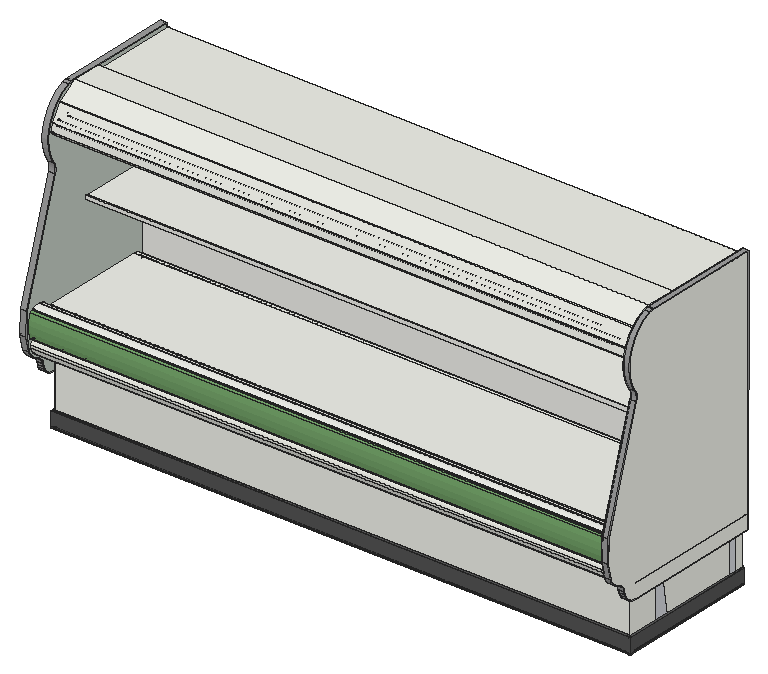
Revit family "IP2SL_2014", category Specialty Equipment, Revit 2014 (continued)
Automatic sketch dimensions
  Sweep 14 sketch curve to Sweep 14 sketch curve = 6.93315"
  plane 13 to Sweep 14 sketch curve = 9.96387"
  Sweep 14 sketch curve to Sweep 14 sketch curve = 0.91726"
  Sweep 14 sketch curve to plane 13 = 18.14162"
  Sweep 14 sketch curve to Sweep 14 sketch curve = 5.58401"
  Sweep 14 sketch curve to Sweep 14 sketch curve = 3.08725"
  Sweep 14 sketch curve to Sweep 14 sketch curve = 0.67817"
  Sweep 14 sketch curve to Sweep 14 sketch curve = 0.65923"
  Sweep 14 sketch curve to Sweep 14 sketch curve = 1.88555"
  Sweep 14 sketch curve to Sweep 14 sketch curve = 0.17314"
  Sweep 14 sketch curve to Sweep 14 sketch curve = 0.94959"
  level to Sweep 14 sketch curve = 12.75926"
  Sweep 14 sketch curve to plane 3 "Top" = 0.19127"
  Sweep 14 sketch curve to plane 3 "Top" = 0.23926"
  Sweep 14 sketch curve to Sweep 14 sketch curve = 0"
  Sweep 14 sketch curve to profile plane = 0"
  Sweep 14 sketch curve to Sweep 14 sketch curve = 1/16"
  curve 10 to plane 1 "Back" = 0"
  plane 3 "Top" to curve 9 = 0.62941"
  curve 13 to plane 12 = 2.11472"
  plane 3 "Top" to curve 13 = 9.74184"
  curve 11 to plane 3 "Top" = 0.30176"
  curve 8 to plane 1 "Back" = 0.06272"
  curve 14 to plane 3 "Top" = 0.30176"
  curve 16 to plane 3 "Top" = 0.30176"
  Sweep 15 sketch curve to profile plane = 0"
  profile plane to Sweep 15 sketch curve = 0.015"
  profile plane to Sweep 15 sketch curve = 0.97797"
  Sweep 15 sketch curve to Sweep 15 sketch curve = 0.015"
  Sweep 15 sketch curve to Sweep 15 sketch curve = 0.01"
  Sweep 15 sketch curve to Sweep 15 sketch curve = 0.035"  (x2)
  Sweep 15 sketch curve to profile plane = 0.01"
  level to Sweep 15 sketch curve = 2.13805"
  Sweep 15 sketch curve to Sweep 15 sketch curve = 13.14355"
  Sweep 15 sketch curve to Sweep 15 sketch curve = 0.00866"  (x2)
  Sweep 15 sketch curve to Sweep 15 sketch curve = 0.58772"
  Sweep 15 sketch curve to Sweep 15 sketch curve = 0.65813"
  plane 1 "Back" to Sweep 16 sketch curve = 0"  (x2)
  Sweep 16 sketch curve to Sweep 16 sketch curve = 0.07201"
  Sweep 16 sketch curve to Sweep 16 sketch curve = 0.02945"  (x2)
  level to Sweep 16 sketch curve = 0.04909"  (x2)
  Sweep 16 sketch curve to Sweep 16 sketch curve = 0.06856"
  Sweep 16 sketch curve to Sweep 16 sketch curve = 0.19844"
  level to Sweep 16 sketch curve = 0.00579"
  Sweep 16 sketch curve to Sweep 16 sketch curve = 0.075"
  Sweep 16 sketch curve to Sweep 16 sketch curve = 0.025"
  profile plane to Sweep 16 sketch curve = 0.43901"
  Sweep 16 sketch curve to Sweep 16 sketch curve = 0.28357"
  plane 13 to Extrusion 17 sketch curve = 20.64151"
  plane 5 "Front" to Extrusion 17 sketch curve = 9.12991"
  Extrusion 17 sketch curve to Extrusion 17 sketch curve = 0.02897"
  Extrusion 17 sketch curve to Extrusion 17 sketch curve = 0.01411"
  Extrusion 17 sketch curve to Extrusion 17 sketch curve = 1.01972"
  Extrusion 17 sketch curve to Extrusion 17 sketch curve = 1.18464"
  Extrusion 17 sketch curve to Extrusion 17 sketch curve = 0.19602"
  Extrusion 17 sketch curve to Extrusion 17 sketch curve = 0.11351"  (x2)
  Extrusion 17 sketch curve to Extrusion 17 sketch curve = 0.31762"
  Extrusion 17 sketch curve to Extrusion 17 sketch curve = 0.36052"
  Extrusion 17 sketch curve to Extrusion 17 sketch curve = 0.06472"
  plane 13 to Extrusion 17 sketch curve = 20.19748"
  Extrusion 17 sketch curve to Extrusion 17 sketch curve = 0.11198"
  Extrusion 17 sketch curve to Extrusion 17 sketch curve = 0.214"
  Extrusion 17 sketch curve to Extrusion 17 sketch curve = 0"  (x2)
  Extrusion 17 sketch curve to Extrusion 17 sketch curve = 0.32197"
  Extrusion 17 sketch curve to Extrusion 17 sketch curve = 0.29075"
  Extrusion 17 sketch curve to Extrusion 17 sketch curve = 0.3532"
  Extrusion 17 sketch curve to Extrusion 17 sketch curve = 0.00258"
  Extrusion 17 sketch curve to Extrusion 17 sketch curve = 0.01865"
  Extrusion 17 sketch curve to Extrusion 17 sketch curve = 0.02224"
  Extrusion 17 sketch curve to Extrusion 17 sketch curve = 1.191"
  Extrusion 17 sketch curve to Extrusion 17 sketch curve = 1.39478"
  Extrusion 17 sketch curve to Extrusion 17 sketch curve = 0.41923"
  Extrusion 17 sketch curve to Extrusion 17 sketch curve = 5.05973"
  Extrusion 17 sketch curve to Extrusion 17 sketch curve = 0.0046"
  Extrusion 17 sketch curve to Extrusion 17 sketch curve = 0.00481"
  Extrusion 17 sketch curve to Extrusion 17 sketch curve = 0.27074"
  Extrusion 17 sketch curve to Extrusion 17 sketch curve = 0.00033"
  Extrusion 17 sketch curve to Extrusion 17 sketch curve = 0.03783"
  Extrusion 17 sketch curve to Extrusion 17 sketch curve = 0.01233"
  Extrusion 17 sketch curve to Extrusion 17 sketch curve = 0.41622"
  Extrusion 17 sketch curve to Extrusion 17 sketch curve = 1.64483"
  Extrusion 17 sketch curve to Extrusion 17 sketch curve = 1.24413"
  Extrusion 17 sketch curve to Extrusion 17 sketch curve = 0.07161"
  Extrusion 17 sketch curve to Extrusion 17 sketch curve = 0.00182"
  Extrusion 17 sketch curve to Extrusion 17 sketch curve = 0.00131"
  Extrusion 17 sketch curve to Extrusion 17 sketch curve = 1.20068"
  Extrusion 17 sketch curve to Extrusion 17 sketch curve = 0.00159"
  Extrusion 17 sketch curve to Extrusion 17 sketch curve = 0.08866"
  Extrusion 17 sketch curve to Extrusion 17 sketch curve = 0.04572"
  Extrusion 17 sketch curve to Extrusion 17 sketch curve = 0.24783"
  Extrusion 17 sketch curve to Extrusion 17 sketch curve = 0.25163"
  Extrusion 17 sketch curve to Extrusion 17 sketch curve = 0.00236"
  Extrusion 17 sketch curve to Extrusion 17 sketch curve = 0.02489"
  Extrusion 17 sketch curve to Extrusion 17 sketch curve = 0.02297"
  Extrusion 17 sketch curve to Extrusion 17 sketch curve = 0.0375"
  Extrusion 17 sketch curve to Extrusion 17 sketch curve = 0.24593"  (x2)
  Extrusion 17 sketch curve to Extrusion 17 sketch curve = 0.10206"
  Extrusion 17 sketch curve to Extrusion 17 sketch curve = 0.02889"
  Extrusion 17 sketch curve to Extrusion 17 sketch curve = 0.07866"
  Extrusion 17 sketch curve to Extrusion 17 sketch curve = 0.01532"
  Extrusion 17 sketch curve to Extrusion 17 sketch curve = 1 51/128"
  Extrusion 17 sketch curve to Extrusion 17 sketch curve = 1.68679"
  Extrusion 17 sketch curve to Extrusion 17 sketch curve = 0.9999"
  Extrusion 17 sketch curve to Extrusion 17 sketch curve = 1.17098"
  Extrusion 17 sketch curve to Extrusion 17 sketch curve = 1.4677"
  Extrusion 17 sketch curve to Extrusion 17 sketch curve = 1.48108"
  Sweep 16 sketch curve to Sweep 16 sketch curve = 0.0404"
  Sweep 16 sketch curve to profile plane = 0"
  Sweep 16 sketch curve to Sweep 16 sketch curve = 3.61895"
  plane 5 "Front" to Extrusion 5 sketch curve = 1.17418"
  Extrusion 5 sketch curve to Extrusion 5 sketch curve = 0.29011"
  Extrusion 5 sketch curve to Extrusion 5 sketch curve = 0.22506"
  Extrusion 5 sketch curve to Extrusion 5 sketch curve = 0.66357"
  Extrusion 5 sketch curve to Extrusion 5 sketch curve = 0.11707"
  plane 12 to Extrusion 5 sketch curve = 0.77919"
  Extrusion 5 sketch curve to Extrusion 5 sketch curve = 0.18711"
  Extrusion 5 sketch curve to Extrusion 5 sketch curve = 0.12424"
  Extrusion 5 sketch curve to Extrusion 5 sketch curve = 0.14609"
  Extrusion 5 sketch curve to Extrusion 5 sketch curve = 0.06832"
  Extrusion 5 sketch curve to Extrusion 5 sketch curve = 0.04647"
  Extrusion 5 sketch curve to Extrusion 5 sketch curve = 0.15706"
  Extrusion 5 sketch curve to Extrusion 5 sketch curve = 0.04634"
  Extrusion 5 sketch curve to Extrusion 5 sketch curve = 0"
  plane 5 "Front" to Extrusion 5 sketch curve = 0.4043"
  plane 5 "Front" to Extrusion 5 sketch curve = 0.44161"
  plane 5 "Front" to Extrusion 5 sketch curve = 1.26872"
  Extrusion 5 sketch curve to Extrusion 5 sketch curve = 0.44117"
  Extrusion 5 sketch curve to Extrusion 5 sketch curve = 0.54892"
  level to Extrusion 5 sketch curve = 23.09897"
  Extrusion 5 sketch curve to Extrusion 5 sketch curve = 2.24577"
  Extrusion 5 sketch curve to Extrusion 5 sketch curve = 0.7084"
  Extrusion 5 sketch curve to Extrusion 5 sketch curve = 4.47035"
  Extrusion 4 sketch curve to plane 1 "Back" = 0"
  Extrusion 4 sketch curve to level = 11.67901"
  level to Extrusion 4 sketch curve = 10.73591"
  Extrusion 4 sketch curve to Extrusion 4 sketch curve = 0"  (x5)
  Extrusion 4 sketch curve to Extrusion 4 sketch curve = 0.07902"  (x2)
  Extrusion 4 sketch curve to Extrusion 4 sketch curve = 0.0915"
  plane 1 "Back" to Extrusion 4 sketch curve = 7.36539"
  Extrusion 4 sketch curve to Extrusion 4 sketch curve = 0.09215"
  Extrusion 4 sketch curve to Extrusion 4 sketch curve = 0.11556"  (x2)
  Extrusion 4 sketch curve to Extrusion 4 sketch curve = 0.1149"  (x2)
  Extrusion 4 sketch curve to Extrusion 4 sketch curve = 0.2209"
  Extrusion 4 sketch curve to Extrusion 4 sketch curve = 0.22248"
  Extrusion 4 sketch curve to Extrusion 4 sketch curve = 2.54424"
  Extrusion 4 sketch curve to Extrusion 4 sketch curve = 2.54524"
  Extrusion 4 sketch curve to Extrusion 4 sketch curve = 0.07876"
  Extrusion 4 sketch curve to Extrusion 4 sketch curve = 0.50341"  (x2)
  Extrusion 4 sketch curve to Extrusion 4 sketch curve = 0.52485"
  plane 1 "Back" to Extrusion 4 sketch curve = 2.3278"
  Extrusion 4 sketch curve to Extrusion 4 sketch curve = 1.05605"
  Extrusion 4 sketch curve to Extrusion 4 sketch curve = 0.58702"
  Extrusion 4 sketch curve to Extrusion 4 sketch curve = 0.01203"
  plane 12 to Extrusion 4 sketch curve = 8 7/64"
  Extrusion 4 sketch curve to Extrusion 4 sketch curve = 0.16649"
  Extrusion 4 sketch curve to Extrusion 4 sketch curve = 1.07061"
  Extrusion 4 sketch curve to plane 12 = 1.31306"
  Extrusion 4 sketch curve to Extrusion 4 sketch curve = 0.60878"
  plane 1 "Back" to Extrusion 4 sketch curve = 0.37803"
  Extrusion 4 sketch curve to Extrusion 4 sketch curve = 1.95005"
  Extrusion 4 sketch curve to plane 12 = 1.18554"
  Extrusion 4 sketch curve to Extrusion 4 sketch curve = 0.23804"
  Extrusion 4 sketch curve to Extrusion 4 sketch curve = 0.87955"
  Extrusion 4 sketch curve to Extrusion 4 sketch curve = 2.62212"
  Extrusion 4 sketch curve to plane 12 = 2.13429"
  Extrusion 4 sketch curve to Extrusion 4 sketch curve = 0.059"
  plane 5 "Front" to Extrusion 4 sketch curve = 1.3764"
  plane 12 to Extrusion 4 sketch curve = 0.73959"
  Extrusion 4 sketch curve to Extrusion 4 sketch curve = 0.25069"
  plane 5 "Front" to Extrusion 4 sketch curve = 1.25052"
  Extrusion 4 sketch curve to Extrusion 4 sketch curve = 0.13725"
  Extrusion 4 sketch curve to plane 12 = 2.8604"
  Extrusion 4 sketch curve to Extrusion 4 sketch curve = 0.38896"
  Extrusion 4 sketch curve to Extrusion 4 sketch curve = 0.11112"
  Extrusion 4 sketch curve to Extrusion 4 sketch curve = 0.49783"
  plane 12 to Extrusion 4 sketch curve = 0.30538"
  Extrusion 4 sketch curve to plane 12 = 3.12473"
  Extrusion 4 sketch curve to Extrusion 4 sketch curve = 0.42447"
  Extrusion 4 sketch curve to Extrusion 4 sketch curve = 0.44197"
  Extrusion 4 sketch curve to Extrusion 4 sketch curve = 0.25322"
  Extrusion 4 sketch curve to Extrusion 4 sketch curve = 0.87851"
  Extrusion 4 sketch curve to plane 12 = 3.13418"
  Extrusion 4 sketch curve to Extrusion 4 sketch curve = 0.27072"
  plane 12 to Extrusion 4 sketch curve = 1.39051"
  Extrusion 4 sketch curve to Extrusion 4 sketch curve = 0.24892"
  Extrusion 4 sketch curve to Extrusion 4 sketch curve = 6.16658"
  Extrusion 4 sketch curve to Extrusion 4 sketch curve = 0.50139"  (x2)
  plane 5 "Front" to Extrusion 4 sketch curve = 0.69407"
  Extrusion 4 sketch curve to Extrusion 4 sketch curve = 1.29663"
  Extrusion 4 sketch curve to Extrusion 4 sketch curve = 0.31491"
  Extrusion 4 sketch curve to Extrusion 4 sketch curve = 0.12087"
  Extrusion 4 sketch curve to Extrusion 4 sketch curve = 0.47174"
  plane 5 "Front" to Extrusion 4 sketch curve = 3.30687"
  Extrusion 4 sketch curve to Extrusion 4 sketch curve = 0.35202"  (x3)
  Extrusion 4 sketch curve to Extrusion 4 sketch curve = 1.1665"
  Extrusion 4 sketch curve to Extrusion 4 sketch curve = 0.2971"
  Extrusion 4 sketch curve to Extrusion 4 sketch curve = 0.25387"
  plane 1 "Back" to Extrusion 4 sketch curve = 11.13294"
  Extrusion 4 sketch curve to Extrusion 4 sketch curve = 5.53106"
  plane 5 "Front" to Extrusion 4 sketch curve = 2.61819"
  Extrusion 4 sketch curve to Extrusion 4 sketch curve = 0.68868"
  Extrusion 4 sketch curve to Extrusion 4 sketch curve = 3.44018"
  Extrusion 4 sketch curve to Extrusion 4 sketch curve = 4.27494"
  Extrusion 4 sketch curve to Extrusion 4 sketch curve = 0.96001"
  Extrusion 4 sketch curve to Extrusion 4 sketch curve = 5.7167"
  plane 3 "Top" to Extrusion 4 sketch curve = 8.95164"
  Extrusion 4 sketch curve to plane 12 = 0.83374"
  Extrusion 4 sketch curve to Extrusion 4 sketch curve = 0.17997"
  Extrusion 4 sketch curve to plane 12 = 0.35265"
  Extrusion 4 sketch curve to Extrusion 4 sketch curve = 0.03284"
  Extrusion 4 sketch curve to plane 12 = 0.92695"
  Extrusion 4 sketch curve to Extrusion 4 sketch curve = 0.04198"
  Extrusion 4 sketch curve to Extrusion 4 sketch curve = 0.12446"
  Extrusion 4 sketch curve to Extrusion 4 sketch curve = 0.09161"
  Extrusion 4 sketch curve to plane 12 = 0.15447"
  Extrusion 4 sketch curve to Extrusion 4 sketch curve = 0.18223"
  Extrusion 4 sketch curve to plane 12 = 1.30564"
  Extrusion 4 sketch curve to Extrusion 4 sketch curve = 0.428"
  Extrusion 4 sketch curve to Extrusion 4 sketch curve = 0.08247"
  Extrusion 4 sketch curve to plane 12 = 1.33394"
  Extrusion 4 sketch curve to Extrusion 4 sketch curve = 0.10943"
  plane 12 to Extrusion 4 sketch curve = 0.08407"
  Extrusion 4 sketch curve to Extrusion 4 sketch curve = 0.77702"
  plane 12 to Extrusion 4 sketch curve = 0.02475"
  Extrusion 4 sketch curve to Extrusion 4 sketch curve = 0.08489"
  Extrusion 4 sketch curve to Extrusion 4 sketch curve = 0.56201"
  plane 12 to Extrusion 4 sketch curve = 0.11151"
  Extrusion 4 sketch curve to Extrusion 4 sketch curve = 0.06725"
  plane 12 to Extrusion 4 sketch curve = 0.20379"
  Extrusion 4 sketch curve to Extrusion 4 sketch curve = 0.19417"
  Extrusion 4 sketch curve to plane 12 = 0.26981"
  plane 12 to Extrusion 4 sketch curve = 0.31093"
  Extrusion 4 sketch curve to Extrusion 4 sketch curve = 0.50723"
  plane 12 to Extrusion 4 sketch curve = 0.38962"
  Extrusion 4 sketch curve to Extrusion 4 sketch curve = 0.28337"
  Extrusion 4 sketch curve to Extrusion 4 sketch curve = 0.05273"
  Extrusion 4 sketch curve to Extrusion 4 sketch curve = 0.13967"
  Extrusion 4 sketch curve to Extrusion 4 sketch curve = 0.12475"
  plane 12 to Extrusion 4 sketch curve = 0.04159"
  Extrusion 4 sketch curve to Extrusion 4 sketch curve = 0.17787"
  Extrusion 4 sketch curve to Extrusion 4 sketch curve = 0.06292"  (x4)
  Extrusion 4 sketch curve to Extrusion 4 sketch curve = 0.07935"
  Extrusion 4 sketch curve to plane 12 = 0.92312"
  Extrusion 4 sketch curve to Extrusion 4 sketch curve = 0.04475"
  Extrusion 4 sketch curve to plane 12 = 0.89697"
  Extrusion 4 sketch curve to Extrusion 4 sketch curve = 0.0642"
  Extrusion 4 sketch curve to Extrusion 4 sketch curve = 0.21429"
  Extrusion 4 sketch curve to Extrusion 4 sketch curve = 0.25123"
  Extrusion 4 sketch curve to Extrusion 4 sketch curve = 0.27644"
  Extrusion 4 sketch curve to Extrusion 4 sketch curve = 0.12496"
  plane 3 "Top" to Extrusion 4 sketch curve = 5.61539"
  plane 3 "Top" to Extrusion 4 sketch curve = 5.47187"
  Extrusion 4 sketch curve to Extrusion 4 sketch curve = 1.23002"
  Extrusion 4 sketch curve to Extrusion 4 sketch curve = 1.0236"
  Extrusion 4 sketch curve to Extrusion 4 sketch curve = 1.81164"
  Extrusion 4 sketch curve to Extrusion 4 sketch curve = 0.01086"
  plane 3 "Top" to Extrusion 4 sketch curve = 2.79756"
  Extrusion 4 sketch curve to Extrusion 4 sketch curve = 1.16531"
  plane 12 to Extrusion 4 sketch curve = 1.33538"
  Extrusion 4 sketch curve to Extrusion 4 sketch curve = 0.11777"
  plane 12 to Extrusion 4 sketch curve = 1.53274"
  Extrusion 4 sketch curve to Extrusion 4 sketch curve = 0.20812"
  Extrusion 4 sketch curve to Extrusion 4 sketch curve = 1.4677"
  plane 1 "Back" to Extrusion 4 sketch curve = 0.10069"
  plane 3 "Top" to Extrusion 4 sketch curve = 0.7301"
  plane 3 "Top" to Extrusion 4 sketch curve = 0.70059"
  Extrusion 4 sketch curve to plane 3 "Top" = 0.41151"
  Extrusion 4 sketch curve to Extrusion 4 sketch curve = 0.04792"
  Extrusion 4 sketch curve to Extrusion 4 sketch curve = 1.10456"
  Extrusion 4 sketch curve to Extrusion 4 sketch curve = 0.00006"
  Extrusion 4 sketch curve to Extrusion 4 sketch curve = 0.32218"
  plane 1 "Back" to Extrusion 4 sketch curve = 6.55647"
  Extrusion 4 sketch curve to Extrusion 4 sketch curve = 0.02862"
  Extrusion 4 sketch curve to Extrusion 4 sketch curve = 0.12804"  (x2)
  Extrusion 4 sketch curve to Extrusion 4 sketch curve = 0.62901"
  plane 1 "Back" to Extrusion 4 sketch curve = 12.24793"
  Extrusion 4 sketch curve to Extrusion 4 sketch curve = 9.2792"
  Extrusion 4 sketch curve to Extrusion 4 sketch curve = 11.87841"
  Extrusion 4 sketch curve to Extrusion 4 sketch curve = 1 45/256"
  Extrusion 4 sketch curve to Extrusion 4 sketch curve = 2.57217"
  Extrusion 4 sketch curve to Extrusion 4 sketch curve = 2.31453"
  Extrusion 4 sketch curve to Extrusion 4 sketch curve = 1.89902"
  Extrusion 4 sketch curve to Extrusion 4 sketch curve = 1.25129"
  Extrusion 4 sketch curve to Extrusion 4 sketch curve = 0.12352"
  Extrusion 4 sketch curve to Extrusion 4 sketch curve = 0.04592"
  Extrusion 4 sketch curve to Extrusion 4 sketch curve = 3.61229"
  Extrusion 4 sketch curve to Extrusion 4 sketch curve = 0.42412"
  Extrusion 4 sketch curve to Extrusion 4 sketch curve = 2.00507"
  Extrusion 4 sketch curve to Extrusion 4 sketch curve = 0.89084"
  Extrusion 4 sketch curve to Extrusion 4 sketch curve = 1.38803"
  Extrusion 4 sketch curve to Extrusion 4 sketch curve = 1.21923"
  Extrusion 4 sketch curve to Extrusion 4 sketch curve = 0.62697"
  Extrusion 4 sketch curve to Extrusion 4 sketch curve = 0.4688"
  Extrusion 4 sketch curve to Extrusion 4 sketch curve = 0.88121"
  Extrusion 4 sketch curve to Extrusion 4 sketch curve = 0.4405"
  Extrusion 4 sketch curve to Extrusion 4 sketch curve = 0.06266"
  Extrusion 4 sketch curve to Extrusion 4 sketch curve = 0.08424"
  Extrusion 4 sketch curve to Extrusion 4 sketch curve = 0.14856"
  Extrusion 4 sketch curve to Extrusion 4 sketch curve = 2.52224"
  Extrusion 4 sketch curve to Extrusion 4 sketch curve = 0.81369"
  Extrusion 4 sketch curve to Extrusion 4 sketch curve = 0.77"
  Extrusion 4 sketch curve to Extrusion 4 sketch curve = 0.47535"
  Extrusion 4 sketch curve to Extrusion 4 sketch curve = 0.10484"
  Extrusion 4 sketch curve to Extrusion 4 sketch curve = 0.11703"
  Extrusion 4 sketch curve to Extrusion 4 sketch curve = 0.05706"
  plane 5 "Front" to Extrusion 4 sketch curve = 1.25407"
  plane 12 to Extrusion 4 sketch curve = 0.08688"
  Extrusion 4 sketch curve to Extrusion 4 sketch curve = 0.06294"
  Extrusion 4 sketch curve to Extrusion 4 sketch curve = 0.04451"
  Extrusion 4 sketch curve to Extrusion 4 sketch curve = 0.04453"
  Extrusion 4 sketch curve to Extrusion 4 sketch curve = 0.00005"
  Extrusion 4 sketch curve to Extrusion 4 sketch curve = 0.00026"
  Extrusion 4 sketch curve to Extrusion 4 sketch curve = 0.06173"
  Extrusion 4 sketch curve to Extrusion 4 sketch curve = 0.04366"
  level to Extrusion 18 sketch curve = 12.43497"
  plane 12 to Extrusion 18 sketch curve = 0.30538"
  Extrusion 18 sketch curve to Extrusion 18 sketch curve = 7.1665"
  Extrusion 18 sketch curve to plane 12 = 2.13429"
  Extrusion 18 sketch curve to Extrusion 18 sketch curve = 0.059"
  plane 12 to Extrusion 18 sketch curve = 0.73959"
  Extrusion 18 sketch curve to Extrusion 18 sketch curve = 0.25069"  (x2)
  Extrusion 18 sketch curve to plane 12 = 2.8604"
  Extrusion 18 sketch curve to Extrusion 18 sketch curve = 0.38896"
  Extrusion 18 sketch curve to Extrusion 18 sketch curve = 0.49783"  (x2)
  Extrusion 18 sketch curve to plane 12 = 3.12473"
  Extrusion 18 sketch curve to Extrusion 18 sketch curve = 0.42447"
  Extrusion 18 sketch curve to Extrusion 18 sketch curve = 0.0175"
  Extrusion 18 sketch curve to Extrusion 18 sketch curve = 0.25322"
  Extrusion 18 sketch curve to Extrusion 18 sketch curve = 0.87851"
  Extrusion 18 sketch curve to plane 12 = 3.13418"
  Extrusion 18 sketch curve to Extrusion 18 sketch curve = 0.27072"
  plane 12 to Extrusion 18 sketch curve = 1.39051"
  Extrusion 18 sketch curve to Extrusion 18 sketch curve = 0.24892"
  Extrusion 18 sketch curve to Extrusion 18 sketch curve = 0.50139"  (x2)
  Extrusion 18 sketch curve to Extrusion 18 sketch curve = 0.47174"
  plane 5 "Front" to Extrusion 18 sketch curve = 3.30687"
  Extrusion 18 sketch curve to Extrusion 18 sketch curve = 0.35202"  (x3)
  plane 1 "Back" to Extrusion 18 sketch curve = 11.13294"
  Extrusion 18 sketch curve to Extrusion 18 sketch curve = 1.97277"
  plane 5 "Front" to Extrusion 18 sketch curve = 2.61819"
  Extrusion 18 sketch curve to Extrusion 18 sketch curve = 0.68868"
  Extrusion 18 sketch curve to Extrusion 18 sketch curve = 1.02159"
  Extrusion 18 sketch curve to plane 12 = 2.81451"
  Extrusion 18 sketch curve to Extrusion 18 sketch curve = 0.01411"
  Extrusion 18 sketch curve to plane 12 = 1.86739"
  Extrusion 18 sketch curve to Extrusion 18 sketch curve = 0.12091"
  plane 1 "Back" to Extrusion 18 sketch curve = 7.81448"
  Extrusion 18 sketch curve to Extrusion 18 sketch curve = 2.5176"
  plane 1 "Back" to Extrusion 18 sketch curve = 7.81537"
  Extrusion 18 sketch curve to Extrusion 18 sketch curve = 0.50059"
  plane 12 to Extrusion 18 sketch curve = 10.45464"
  Extrusion 18 sketch curve to Extrusion 18 sketch curve = 5.09548"
  Extrusion 18 sketch curve to Extrusion 18 sketch curve = 0.11272"
  Extrusion 18 sketch curve to Extrusion 18 sketch curve = 0.24165"
  Extrusion 18 sketch curve to Extrusion 18 sketch curve = 0.12392"
  Extrusion 18 sketch curve to Extrusion 18 sketch curve = 0.15142"
  Extrusion 18 sketch curve to Extrusion 18 sketch curve = 0.16855"
  Extrusion 18 sketch curve to Extrusion 18 sketch curve = 0.89119"
  Extrusion 18 sketch curve to plane 12 = 2.97576"
  Extrusion 18 sketch curve to Extrusion 18 sketch curve = 1.0598"
  Extrusion 18 sketch curve to Extrusion 18 sketch curve = 0.91699"
  Extrusion 18 sketch curve to plane 12 = 3.13317"
  Extrusion 18 sketch curve to Extrusion 18 sketch curve = 0.01198"
  Extrusion 18 sketch curve to plane 12 = 3.15372"
  Extrusion 18 sketch curve to Extrusion 18 sketch curve = 0.03926"
  Extrusion 18 sketch curve to Extrusion 18 sketch curve = 0.90538"
  Extrusion 18 sketch curve to plane 12 = 4.07883"
  Extrusion 18 sketch curve to Extrusion 18 sketch curve = 0.05124"
  Extrusion 18 sketch curve to plane 12 = 4.11852"
  Extrusion 18 sketch curve to Extrusion 18 sketch curve = 0.01969"
  Extrusion 18 sketch curve to Extrusion 18 sketch curve = 0.13414"
  Extrusion 18 sketch curve to Extrusion 18 sketch curve = 0.02098"
  plane 5 "Front" to Extrusion 18 sketch curve = 3.37419"
  Extrusion 18 sketch curve to Extrusion 18 sketch curve = 0.07093"
  Extrusion 18 sketch curve to Extrusion 18 sketch curve = 0.45046"
  Extrusion 18 sketch curve to Extrusion 18 sketch curve = 7/64"
  Extrusion 18 sketch curve to Extrusion 18 sketch curve = 4.31853"
  Extrusion 18 sketch curve to Extrusion 18 sketch curve = 0.40414"
  Extrusion 18 sketch curve to Extrusion 18 sketch curve = 0.22691"
  Extrusion 18 sketch curve to Extrusion 18 sketch curve = 0.81369"
  Extrusion 18 sketch curve to Extrusion 18 sketch curve = 0.01045"
  Extrusion 18 sketch curve to Extrusion 18 sketch curve = 0.12153"
  Extrusion 18 sketch curve to Extrusion 18 sketch curve = 0.42812"
  Extrusion 18 sketch curve to Extrusion 18 sketch curve = 0.04345"
  Extrusion 18 sketch curve to Extrusion 18 sketch curve = 0.00878"
  Extrusion 18 sketch curve to Extrusion 18 sketch curve = 0.00031"
  Extrusion 18 sketch curve to Extrusion 18 sketch curve = 0"
  plane 5 "Front" to Extrusion 18 sketch curve = 1.26872"
  Extrusion 18 sketch curve to Extrusion 18 sketch curve = 0.00725"
  Extrusion 18 sketch curve to Extrusion 18 sketch curve = 0.44117"
  Extrusion 18 sketch curve to Extrusion 18 sketch curve = 0.19557"
  Extrusion 18 sketch curve to Extrusion 18 sketch curve = 0.04925"
  Extrusion 18 sketch curve to Extrusion 18 sketch curve = 3.55021"
  Extrusion 18 sketch curve to Extrusion 18 sketch curve = 0.87081"
  Extrusion 1 sketch curve to Extrusion 1 sketch curve = 0"  (x2)
  Extrusion 2 sketch curve to Extrusion 2 sketch curve = 0"
  Extrusion 3 sketch curve to Extrusion 3 sketch curve = 0"
  curve 2 to plane 5 "Front" = 0"
  plane 1 "Back" to curve 2 = 0"
  plane 1 "Back" to curve 1 = 0"
Nested families (in)
  nested 1: "Light" at (-5.05699, -24.21711, 14.93923), type "Light"
    with Length 144 1/2"
  nested 2: "Shelf" at (0, -7.85242, 43.25), type "18""
    with Width 144 1/2", Depth 18"
  nested 3: "Floor Support-IP2SL" at (-79.31656, -2.27582, 0), type "Side Skid"
  nested 4: "Floor Support-IP2SL" at (16.89844, -2.27582, 0), visible <- "12 Case", type "Mid Skid"
  nested 5: "Floor Support-IP2SL" at (60.89844, -2.27582, 0), type "Side Skid"
  nested 6: "Floor Support-IP2SL" at (-31.10156, -2.27582, 0), visible <- "12 Case", type "Mid Skid"
  nested 7: "Floor Support-IP2SL" at (-7.10156, -2.27582, 0), visible <- "8 Case", type "Mid Skid"
  nested 8: "Floor Support-IP2SL" at (-7.10156, -2.27582, 0), visible <- "6 Case", type "Mid Skid"
  nested 9: "Light" at (-5.05699, -16.2444, -4.75), visible <- "Shelf Lights", type "Light"
    with Length 144 1/2"
Connectors (in)
  piping at (-4.99449, -33.5, 0), diameter 1.25, driven by "Waste Drain"
    settings: on Extrusion 1, index 8, connector inside diameter 1 1/4", connector length 0", flow factor 0, pipe flow 0 GPM, pressure drop 0.00 psi, fitting loss kfactor 0, connector angle 0.00°, fixture units 0, engagement length 0", angle of deflection 0.00°, flow configuration 0, flow direction 0, fitting loss method 0, system type 16, joint type 0, gender type 0, connector reference index -1, connector utility 0, adjustable connector no, is connector primary yes, connector description "1 1/4\""
  piping at (58.13051, -29, 0), diameter 0.875, driven by "Refrig. Suction", driven by "Refrigeration Lines Suction"
    settings: on Extrusion 2, index 9, connector inside diameter 7/8", connector length 0", flow factor 0, pipe flow 0 GPM, pressure drop 0.00 psi, fitting loss kfactor 0, connector angle 0.00°, fixture units 0, engagement length 0", angle of deflection 0.00°, flow configuration 0, flow direction 2, fitting loss method 0, system type 22, joint type 0, gender type 0, connector reference index -1, connector utility 0, adjustable connector no, is connector primary no, connector description "Suction"
  piping at (58.75551, -29, 0), diameter 0.375, driven by "Refrig. Liquid", driven by "Refrigeration Lines Liquid"
    settings: on Extrusion 3, index 10, connector inside diameter 3/8", connector length 0", flow factor 0, pipe flow 0 GPM, pressure drop 0.00 psi, fitting loss kfactor 0, connector angle 0.00°, fixture units 0, engagement length 0", angle of deflection 0.00°, flow configuration 0, flow direction 1, fitting loss method 0, system type 22, joint type 0, gender type 0, connector reference index -1, connector utility 0, adjustable connector no, is connector primary no, connector description "Liquid"
Definition of nested family "Shelf"
  Parameters (values of type "Shelf")
    Width = 24"
    URL = "www.hussmann.com"
    Type Comments = "Shelf"
    Shelves = Sheet Metal (Steel Painted) - 700 Interior White
    Model = ""
    Manufacturer = "Hussmann Corporation"
    Height = 5"
    Description = ""
    Depth = 20"
    Assembly Code = ""
    Accessories/Options = ""
  Reference planes (in)
    plane 1 "Back": y = 0
    plane 2 "Bottom": z = 0
    plane 3 "Left": x = -77.30699
    plane 4 "Right": x = -53.30699
    plane 5 "Front": y = -20
    plane 6 "Center (Left/Right)": x = -65.30699
    plane 7: z = 5
  Forms (in)
    Extrusion 1, solid, material "Sheet Metal (Steel Painted) - 700 Interior White" <- "Shelves"
      sketch origin (-77.30699, 7.75, -64.26162) x (0, 1, 0) y (0, 0, 1)
        loop
          line (-7.75, 64.26162) -> (-7.75, 68.01162) -> (-8.5, 68.01162) -> (-8.5, 69.01162) -> (-27.5, 69.01162) -> (-27.5, 69.26162) -> (-27.75, 69.26162) -> (-27.75, 68.26162) -> (-27.5, 68.26162) -> (-27.5, 68.76162) -> (-26, 68.76162) -> (-26, 68.51162) -> (-13.81963, 68.51162) -> (-7.75, 64.26162)
      from 0 to 24
  Dimensions and locks (in)
    "Width": plane 4 "Right" to plane 3 "Left"
    equal spacing: plane 4 "Right", plane 6 "Center (Left/Right)", plane 3 "Left"
    "Depth": plane 1 "Back" to plane 5 "Front"
    "Height": level to plane 7
    aligned and locked: Extrusion 1 to plane 3 "Left"
    aligned and locked: plane 4 "Right" to Extrusion 1
  Automatic sketch dimensions
    Extrusion 1 sketch curve to plane 5 "Front" = 0"
    Extrusion 1 sketch curve to plane 1 "Back" = 0"
    plane 5 "Front" to Extrusion 1 sketch curve = 1/4"  (x2)
    Extrusion 1 sketch curve to Extrusion 1 sketch curve = 1 1/2"
    plane 1 "Back" to Extrusion 1 sketch curve = 6.06963"
    plane 1 "Back" to Extrusion 1 sketch curve = 3/4"
    Extrusion 1 sketch curve to Extrusion 1 sketch curve = 3 3/4"
    Extrusion 1 sketch curve to Extrusion 1 sketch curve = 1/2"  (x2)
    Extrusion 1 sketch curve to Extrusion 1 sketch curve = 1"
    Extrusion 1 sketch curve to Extrusion 1 sketch curve = 1/4"
    Extrusion 1 sketch curve to Extrusion 1 sketch curve = 3/4"
    Extrusion 1 sketch curve to level = 0"
Definition of nested family "Floor Support-IP2SL"
  Parameters (values of type "Mid Skid")
    Width = 8 1/2"
    URL = "www.hussmann.com"
    Type Comments = ""
    Revit Family Date = "11/19/2015"  # constant formula
    Model = ""
    Manufacturer = "Hussmann Corporation"
    Height = 13.78312"
    Floor Support = none
    Description = ""
    Depth = 32.75517"
    Assembly Code = ""
    Accessories/Options = ""
  Types (2): name | Width | Height | Depth
    Mid Skid | 8 1/2" | 13.78312" | 32.75517"
    Side Skid | 4 1/4" | 13 25/32" | 32 193/256"
  Reference planes (in)
    plane 1 "Back": y = 0
    plane 2 "Bottom": z = 0
    plane 3 "Top": z = 13.78312
    plane 4 "Right": x = 6.29458
    plane 5 "Front": y = -32.75517
    plane 6 "Left": x = -2.20542
    plane 7 "Center (Left/Right)": x = 2.04458
  Forms (in)
    Extrusion 1, solid, material <- "Floor Support"
      sketch origin (6.29458, 0, 0) x (0, 1, 0) y (0, 0, 1)
        loop
          line (-24.76247, 2.78794) -> (-25.61851, 2.78794) -> (-32.75517, 1.1288) -> (-32.75517, 0.15512) -> (-32.75517, -0.00086) -> (0, -0.00086) -> (-0.00031, 13.78312) -> (-0.10126, 13.78312) -> (-1.20803, 13.78312)
          arc (-1.20803, 13.78312) -> (-1.56148, 13.63671) -> (-1.70787, 13.28326) r 0.49985
          line (-1.70787, 13.28326) -> (-1.70765, 3.29982) -> (-3.58711, 1.42028) -> (-19.53724, 1.41992) -> (-21.3486, 3.2312) -> (-22.93763, 13.35777)
          arc (-22.93763, 13.35777) -> (-23.10775, 13.66229) -> (-23.43496, 13.78314) r 0.50341
          line (-23.43496, 13.78314) -> (-24.48632, 13.78314) -> (-24.76272, 13.78313) -> (-24.76247, 2.78794)
      from -8.5 to 0
  Dimensions and locks (in)
    "Width": plane 6 "Left" to plane 4 "Right"
    "Depth": plane 5 "Front" to plane 1 "Back"
    "Height": plane 3 "Top" to level
    equal spacing: plane 6 "Left", plane 7 "Center (Left/Right)", plane 4 "Right"
    aligned and locked: Extrusion 1 to plane 6 "Left"
    aligned and locked: plane 4 "Right" to Extrusion 1
    aligned and locked: plane 6 "Left" to Extrusion 1
    aligned and locked: Extrusion 1 to plane 4 "Right"
  Automatic sketch dimensions
    Extrusion 1 sketch curve to plane 3 "Top" = 0"  (x4)
    plane 5 "Front" to Extrusion 1 sketch curve = 7.99245"
    plane 5 "Front" to Extrusion 1 sketch curve = 7.9927"
    Extrusion 1 sketch curve to Extrusion 1 sketch curve = 0.2764"
    Extrusion 1 sketch curve to Extrusion 1 sketch curve = 1.05136"
    Extrusion 1 sketch curve to Extrusion 1 sketch curve = 0"
    plane 3 "Top" to Extrusion 1 sketch curve = 0.42535"
    Extrusion 1 sketch curve to Extrusion 1 sketch curve = 0.49733"
    level to Extrusion 1 sketch curve = 3.2312"
    Extrusion 1 sketch curve to Extrusion 1 sketch curve = 1.81136"
    level to Extrusion 1 sketch curve = 1.42028"
    level to Extrusion 1 sketch curve = 1.41992"
    Extrusion 1 sketch curve to Extrusion 1 sketch curve = 1.87954"
    Extrusion 1 sketch curve to plane 1 "Back" = 0"
    plane 3 "Top" to Extrusion 1 sketch curve = 0.49986"
    Extrusion 1 sketch curve to Extrusion 1 sketch curve = 0.49985"
    plane 3 "Top" to Extrusion 1 sketch curve = 0.49985"
    plane 1 "Back" to Extrusion 1 sketch curve = 0.10126"
    plane 1 "Back" to Extrusion 1 sketch curve = 0.00031"
    Extrusion 1 sketch curve to plane 5 "Front" = 0"
    Extrusion 1 sketch curve to level = 0.00086"
    level to Extrusion 1 sketch curve = 0.15512"
    Extrusion 1 sketch curve to Extrusion 1 sketch curve = 0.97368"
    Extrusion 1 sketch curve to Extrusion 1 sketch curve = 0.85604"
    Extrusion 1 sketch curve to Extrusion 1 sketch curve = 5.22523"
    level to Extrusion 1 sketch curve = 2.78794"
    Extrusion 1 sketch curve to Extrusion 1 sketch curve = 1.60661"
    plane 1 "Back" to Extrusion 1 sketch curve = 3.58711"
    plane 1 "Back" to Extrusion 1 sketch curve = 1.70765"
Definition of nested family "Light"
  Parameters (values of type "Light")
    Wattage = 16.1571 W
    built-in parameter 1150110 = 1 (stored number, unit not read)
    built-in parameter 1114217 = 1 (stored number, unit not read)
    built-in parameter 1150109 = 1 (stored number, unit not read)
    built-in parameter 1150134 = (empty or 0)
    built-in parameter 1150113 = 1 (stored number, unit not read)
    Lumens = 2400 lm
    built-in parameter 1150115 = 1 (stored number, unit not read)
    built-in parameter 1150105 = 763.94 (stored number, unit not read)
    Light Source Symbol Size = 24"
    built-in parameter 1150137 = (empty or 0)
    built-in parameter 1150139 = (empty or 0)
    Lense = none
    Length = 24"
    built-in parameter 1150112 = 1 (stored number, unit not read)
    built-in parameter 1150114 = 1 (stored number, unit not read)
    built-in parameter 1150132 = 2
    built-in parameter 1150102 = (empty or 0)
    built-in parameter 1150138 = (empty or 0)
    built-in parameter 1150107 = 6100 (stored number, unit not read)
    built-in parameter 1150106 = 7.6394 (stored number, unit not read)
    Emit from Line Length = Length  # 24"
    built-in parameter 1150104 = 13.8 (stored number, unit not read)
    Dimming Lamp Color Temperature Shift = (empty or 0)
    Color Filter = 16777215
    Casing = none
    built-in parameter 1114218 = 1 (stored number, unit not read)
    built-in parameter 1150133 = 10 (stored number, unit not read)
  Reference planes (in)
    plane 1 "Light Source Axis (F/B)": y = -8.60801
    plane 2: z = 0
    plane 3 "Light Source Axis (L/R)": x = 0
    plane 4 "Light Source Elevation": z = 52.5
    plane 5: z = 0
    plane 6 "Left": x = -12
    plane 7 "Right": x = 12
  Lines and regions (in)
    model lines
      curve 1: line (-12, -8.60801, 52.5) -> (12, -8.60801, 52.5)
  Dimensions and locks (in)
    equal spacing: plane 7 "Right", plane 3 "Light Source Axis (L/R)", plane 6 "Left"
    "Length": plane 7 "Right" to plane 6 "Left"
    aligned and locked: plane 3 "Light Source Axis (L/R)" to imposter light
    aligned and locked: plane 1 "Light Source Axis (F/B)" to imposter light
    aligned and locked: plane 4 "Light Source Elevation" to imposter light
    aligned and locked: level to plane 5
  Automatic sketch dimensions
    plane 1 "Light Source Axis (F/B)" to curve 1 = 0"
    curve 1 to plane 6 "Left" = 0"
    curve 1 to plane 7 "Right" = 0"
Types (4): name | Width | Waste Drain Location | Total Weight | Number of Supports | Case Weight | 8 Case | 6 Case | 12 Case
  12'-0" Length | 144 1/2" | 72 3/16" | 1550.00 lbf | 4 | 1400.00 lbf | no | no | yes
  8'-0" Length | 96 1/4" | 24 1/8" | 1200.00 lbf | 3 | 1050.00 lbf | no | yes | no
  6'-0" Length | 72 1/4" | 24 1/8" | 1050.00 lbf | 3 | 900.00 lbf | yes | no | no
  4'-0" Length | 48 1/8" | 24 1/8" | 650.00 lbf | 2 | 500.00 lbf | no | no | no
